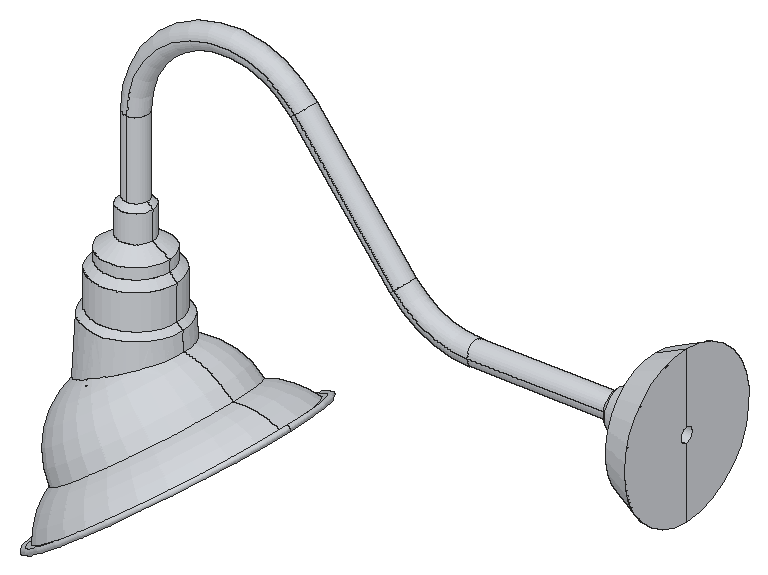
Revit family "265000 - Lighting - Gooseneck Lighting - Type 1", category Lighting Fixtures, Revit 2019
Family settings
  Round Connector Dimension = Use Diameter
  Part Type = Normal
  Work Plane-Based = No
  Always vertical = Yes
  Cut with Voids When Loaded = No
  Light Source = Yes
  Shared = No
  Room Calculation Point = No
Parameters
  Wattage = 12.1178 W
  built-in parameter 1150110 = 1 (stored number, unit not read)
  built-in parameter 1114217 = 1 (stored number, unit not read)
  built-in parameter 1150109 = 1 (stored number, unit not read)
  built-in parameter 1150134 = 3
  built-in parameter 1150113 = 1 (stored number, unit not read)
  built-in parameter 1150105 = 143.24 (stored number, unit not read)
  Lumens = 1800 lm
  built-in parameter 1150115 = 1 (stored number, unit not read)
  Light Source Symbol Size = 2' - 0"
  built-in parameter 1150137 = (empty or 0)
  built-in parameter 1150139 = (empty or 0)
  built-in parameter 1150112 = 1 (stored number, unit not read)
  built-in parameter 1150114 = 1 (stored number, unit not read)
  built-in parameter 1150132 = 2
  built-in parameter 1150102 = (empty or 0)
  built-in parameter 1150107 = 3200 (stored number, unit not read)
  built-in parameter 1150138 = (empty or 0)
  built-in parameter 1150106 = 1.4324 (stored number, unit not read)
  built-in parameter 1150104 = 13.8 (stored number, unit not read)
  Dimming Lamp Color Temperature Shift = (empty or 0)
  Cost = 200
  Color Filter = 16777215
  built-in parameter 1114218 = 1 (stored number, unit not read)
  built-in parameter 1150133 = 10 (stored number, unit not read)
Reference planes (in)
  plane 1 "Light Source Axis (F/B)": y = 0
  plane 2: z = 0
  plane 3 "Light Source Axis (L/R)": x = -16.1831
  plane 4 "Light Source Elevation": z = 47.05704
  plane 5: x = 0
  plane 6: z = 54
Forms (in)
  Revolve 1, solid
    sketch origin (18.44598, 0, 15.90178) x (1, 0, 0) y (0, 0, 1)
      loop
        arc (-31.33855, 33.72498) -> (-32.06348, 33.97527) -> (-32.8303, 33.98801) r 2.43831
        arc (-32.8303, 33.98801) -> (-34.63408, 34.89002) -> (-36.51576, 34.16441) r 2.49604
        line (-36.51576, 34.16441) -> (-36.44163, 34.05993)
        arc (-36.44163, 34.05993) -> (-34.61512, 34.7626) -> (-32.88292, 33.85192) r 2.36981
        arc (-32.88292, 33.85192) -> (-32.08305, 33.85055) -> (-31.33151, 33.57671) r 2.31208
        line (-31.33151, 33.57671) -> (-31.09447, 33.74489)
        arc (-31.09447, 33.74489) -> (-31.0502, 33.87881) -> (-31.18412, 33.83454) r 0.07895
        line (-31.18412, 33.83454) -> (-31.33855, 33.72498)
      axis (-36.57003, 34.12591) -> (-34.55675, 31.28836)
    angle from 0 to 360
  Revolve 2, solid
    sketch origin (16.47274, 0, 10.20408) x (1, 0, 0) y (0, 0, 1)
      loop
        line (-33.93923, 44.45775) -> (-33.93923, 44.382) -> (-33.62975, 44.382) -> (-33.47159, 44.22384) -> (-33.47159, 43.34472) -> (-32.9442, 42.97543) -> (-32.9442, 42.64264) -> (-32.70318, 42.40162) -> (-32.70318, 41.30333) -> (-32.5141, 41.11424) -> (-32.40281, 38.9907) -> (-32.32696, 38.9907) -> (-32.43998, 41.14724) -> (-32.62743, 41.3347) -> (-32.62743, 42.433) -> (-32.86845, 42.67401) -> (-32.86845, 43.01486) -> (-33.39585, 43.38415) -> (-33.39585, 44.25521) -> (-33.59838, 44.45775) -> (-33.93923, 44.45775)
      axis (-33.93923, 44.45775) -> (-33.93923, 38.9907)
    angle from 0 to 360
  Revolve 3, solid
    sketch origin (3.16285, 0, 10.67012) x (1, 0, 0) y (0, 0, 1)
      loop
        line (-5.41285, 43.81491) -> (-5.41285, 43.56491) -> (-3.16285, 43.56491) -> (-3.16285, 45.79026) -> (-4.14505, 45.33226) -> (-4.51775, 44.30827) -> (-5.27051, 43.95726) -> (-5.41285, 43.81491)
      axis (-5.41285, 43.32988) -> (-3.16285, 43.32988)
    angle from 0 to 360
  Sweep 4, solid
    path origin (-0.50334, 0, 10.9693) x (1, 0, 0) y (0, 0, 1)
      loop
        line (-1.74666, 43.0307) -> (-6.15698, 43.0307)
        arc (-6.15698, 43.0307) -> (-7.44851, 43.32294) -> (-8.48842, 44.14274) r 3
        line (-8.48842, 44.14274) -> (-11.63171, 48.02439)
        arc (-11.63171, 48.02439) -> (-14.96457, 48.96435) -> (-16.96315, 46.13643) r 3
        line (-16.96315, 46.13643) -> (-16.96315, 43.69252)
    profile origin (-4.45516, 0, 54) x (0, 0, -1) y (0, -1, 0)
      loop
        circle (0, 0) r 0.375
Cuts and joins
  joined: Revolve 1, Revolve 2
Dimensions and locks (in)
  aligned and locked: plane 3 "Light Source Axis (L/R)" to imposter light
  aligned and locked: plane 1 "Light Source Axis (F/B)" to imposter light
  aligned and locked: plane 4 "Light Source Elevation" to imposter light
